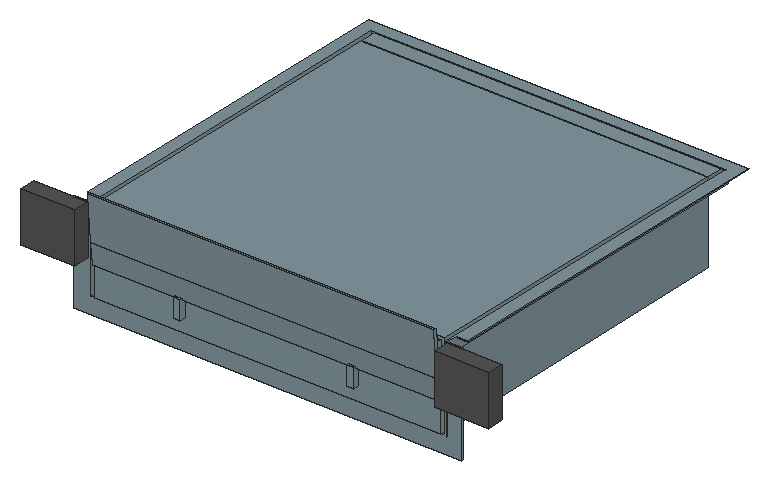
Revit family "Loading-Dock-Equipment_Leveler_McGuire_Hydraulic-HP", category Specialty Equipment, host Face, Revit 2026
Family settings
  Host = Face
  Round Connector Dimension = Use Radius
  Part Type = Normal
  Classification Number = 23.50.70.14.11
  Enable Cutting in Views = No
  Cut with Voids When Loaded = No
  Maintain Annotation Orientation = No
  Shared = No
  Room Calculation Point = No
Parameters
  restraintplateoffset [instance] = if(Steel Restraint Mounting Plate, Pit Depth + 0' 4", 0' 0")  # 0' - 0"
  offsetangles [instance] = if(Steel Pit Angles, 0' 0", Pit Depth + 2' 0")  # 0' - 0"
  Warranty Duration (Years) = 0
  Unit Width = Pit Width - 0' 2"  # 6' - 11"
  URL = "http://www.wbmcguire.com/"
  Textured Surface [instance] = Metal - McGuire - Textured Surface
  Test Data = ""
  Steel Restraint Mounting Plate [instance] = no
  Steel Pit Angles [instance] = yes
  Steel Angle Finish [instance] = Metal - McGuire - Finish as Specified
  Specification = ""
  SpecWizard = ""
  Send Message = ""
  Sales Information = "http://www.wbmcguire.com/Contact-Us"
  Revision = "R1_2017-01"
  Rear Pit Offset [instance] = 0' - 0 1/2"
  Product Properties = ""
  Product Data = "http://www.arcat.com/arcatcos/cos36/arc36404.html"
  Pit Width = 7' - 1"
  Pit Length = 7' - 0"
  Pit Depth = 1' - 8"
  Model = "As Specified"
  Manufacturer Website = "http://www.wbmcguire.com/"
  Manufacturer Phone - Toll Free = "800-624-8473"
  Manufacturer Phone = "262-257-7309"
  Manufacturer Fax = "262-255-4199"
  Manufacturer Address = "W194 N11481  McCormick Dr.   Germantown, WI 53022"
  Manufacturer = "McGuire"
  Maintenance Schedule (Months) = 0
  Lip Length [instance] = 1' - 4"
  Lip Inset = 0' - 0"  # constant formula
  Keynote = "11600"
  Installation-Fabrication = ""
  Installation Phase = ""
  Include Generic Bumpers [instance] = yes
  Green Building-LEED = "http://www.arcat.com/green/clients/leed_data_36404.html"
  Generic Bumper Width [instance] = 1' - 1"
  Generic Bumper Height [instance] = 1' - 0"
  Fixture Material [instance] = Metal - McGuire - Finish as Specified
  Expected Lifespan (Years) = 0
  Electrical_Voltage [instance] = 240 V
  Electrical_Phase [instance] = 1
  Electrical_Frequency [instance] = 60 Hz
  Drawn By = "Sumex Design, Inc. / Robert S. Weygant, CSI, CDT, SCIP"
  Description = "McGuire Loading Dock Product as Specified"
  Default Elevation = 0' - 0"  # constant formula
  Copyright = "©Arcat Inc."
  Construction Details = ""
  Conduit Radius [instance] = 0' - 0 1/2"
  Conduit Entry_Primary Side Offset = 0' - 10"
  Conduit Entry Depth = 1' - 2"
  Capacity = "as Specified"
  Bumper Finish [instance] = Rubber - McGuire - Black
  Building Codes = ""
  Available Options [instance] = "as Specified"
  Assembly Code = "E1030300"
Reference planes (in)
  plane 1 "Center (Front/Back)": y = 0
  plane 2: z = 0
  plane 3 "Center (Left/Right)": x = 0
  plane 4: y = 42
  plane 5 "Pit Front": y = -42
  plane 6: x = -42.5
  plane 7: x = 42.5
  plane 8: x = -41.5
  plane 9: x = 41.5
  plane 10 "Pit Base": z = -20
  plane 11: z = -19.5
  plane 12: z = 0
  plane 13 "Top of Steel Angle": z = -20
  plane 14: z = -24
  plane 15: y = -38
  plane 16: x = -20.75
  plane 17: x = 20.75
  plane 18: x = -40.5
  plane 19: x = 40.5
  plane 20: x = 41.5
  plane 21: x = -41.5
  plane 22: z = -14
  plane 23: x = 10
  plane 24: x = -42
  plane 25: x = 42
  plane 26: x = -43.125
  plane 27: x = 43.125
  plane 28: x = -56.125
  plane 29: x = 56.125
  plane 30: z = -12
Forms (in)
  Extrusion 1, void
    sketch origin (0, 0, 0) x (0, 1, 0) y (0, 0, 1)
      loop
        line (-42, 0) -> (-42, -20) -> (-38, -20) -> (42, -19.5) -> (42, 0) -> (-42, 0)
    from -42.5 to 42.5
  Sweep 2, solid, material "Metal - McGuire - Finish as Specified" <- "Steel Angle Finish", visible <- "Steel Pit Angles"
    path origin (-34.2385, -180, 0) x (-1, 0, 0) y (0, -1, 0)
      loop
        line (8.2615, -141) -> (8.2615, -222) -> (-76.7385, -222) -> (-76.7385, -141)
    profile origin (-42.5, 1.5, 0) x (-1, 0, 0) y (0, 0, 1)
      loop
        line (0, 0) -> (0, -3) -> (0.25, -3) -> (0.25, -0.25) -> (3, -0.25) -> (3, 0) -> (0, 0)
  Sweep 3, void
    path origin (-34.2385, -180, 0) x (-1, 0, 0) y (0, -1, 0)
      loop
        line (8.2615, -141) -> (8.2615, -222) -> (-76.7385, -222) -> (-76.7385, -141)
    profile origin (-42.5, 1.5, 0) x (-1, 0, 0) y (0, 0, 1)
      loop
        line (0, 0) -> (0, -3) -> (0.25, -3) -> (0.25, -0.25) -> (3, -0.25) -> (3, 0) -> (0, 0)
  Sweep 4, solid, material "Metal - McGuire - Finish as Specified" <- "Steel Angle Finish", visible <- "Steel Pit Angles"
    path origin (0, 0, 0) x (1, 0, 0) y (0, 0, 1)
      loop
        line (-42.5, 0) -> (-42.5, -20) -> (42.5, -20) -> (42.5, 0)
    profile origin (0, 0, -20) x (0, 0, 1) y (0, -1, 0)
      loop
        line (0, 42) -> (-4, 42) -> (-4, 41.75) -> (-0.25, 41.75) -> (-0.25, 38) -> (0, 38) -> (0, 42)
  Sweep 5, void
    path origin (0, 0, 0) x (1, 0, 0) y (0, 0, 1)
      loop
        line (-42.5, 0) -> (-42.5, -20) -> (42.5, -20) -> (42.5, 0)
    profile origin (0, 0, -20) x (0, 0, 1) y (0, -1, 0)
      loop
        line (0, 42) -> (-4, 42) -> (-4, 41.75) -> (-0.25, 41.75) -> (-0.25, 38) -> (0, 38) -> (0, 42)
  Extrusion 6, solid, material "Metal - McGuire - Finish as Specified" <- "Fixture Material"
    sketch origin (0, 0, 0) x (0, 1, 0) y (0, 0, 1)
      loop
        line (38, -19.525) -> (38, 0) -> (-40.75, 0) -> (-40.75, -11.75) -> (-42, -11.75) -> (-42, -20) -> (-38, -20) -> (38, -19.525)
    from -41.5 to 41.5
  Extrusion 7, solid, material "Metal - McGuire - Finish as Specified" <- "Fixture Material"
    sketch origin (-20.75, -180, 5.36058) x (0, 0, 1) y (0, -1, 0)
      loop
        line (-22.11058, -138) -> (-18.11058, -138) -> (-18.11058, -137.125) -> (-17.61058, -137.125) -> (-17.61058, -136.75) -> (-22.11058, -136.75) -> (-22.11058, -138)
    from 0.75 to -0.75
  Extrusion 8, solid, material "Metal - McGuire - Finish as Specified" <- "Fixture Material"
    sketch origin (20.75, -180, 5.36058) x (0, 0, 1) y (0, -1, 0)
      loop
        line (-22.11058, -138) -> (-18.11058, -138) -> (-18.11058, -137.125) -> (-17.61058, -137.125) -> (-17.61058, -136.75) -> (-22.11058, -136.75) -> (-22.11058, -138)
    from 0.75 to -0.75
  Extrusion 9, solid, material "Metal - McGuire - Finish as Specified" <- "Fixture Material"
    sketch origin (0, 0, 0) x (0, 1, 0) y (0, 0, 1)
      loop
        line (-42.06649, -12.63756) -> (-43.58884, 3.28985) -> (-44.21231, 3.23026) -> (-43.16597, -7.71702) -> (-42.64301, -12.69266) -> (-42.06649, -12.63756)
    from -41.5 to 41.5
  Extrusion 10, solid, material "Metal - McGuire - Finish as Specified" <- "Fixture Material"
    sketch origin (0, 0, 0) x (0, 1, 0) y (0, 0, 1)
      loop
        line (-40.75, -5.75) -> (-40.75, -0.75) -> (-41.41807, -0.75)
        arc (-41.41807, -0.75) -> (-43.10155, -1.79409) -> (-42.91441, -3.7662) r 1.87927
        line (-42.91441, -3.7662) -> (-42.7248, -5.75) -> (-40.75, -5.75)
    from -40.5 to 40.5
  Extrusion 11, solid, material "Metal - McGuire - Finish as Specified" <- "Fixture Material"
    sketch origin (0, 0, 0) x (0, 1, 0) y (0, 0, 1)
      loop
        line (42, 0) -> (38, 0) -> (38, -2) -> (42, -2) -> (42, 0)
    from -41.5 to 41.5
  Extrusion 12, solid, material "Rubber - McGuire - Black" <- "Bumper Finish", visible <- "Include Generic Bumpers"
    sketch origin (0, 0, 0) x (1, 0, 0) y (0, 1, 0)
      loop
        line (-56.125, -42) -> (-56.125, -46) -> (-43.125, -46) -> (-43.125, -42) -> (-56.125, -42)
      loop
        line (56.125, -42) -> (43.125, -42) -> (43.125, -46) -> (56.125, -46) -> (56.125, -42)
    from 0 to -12
  Extrusion 13, solid
    sketch origin (0, 42, -14) x (1, 0, 0) y (0, -1, 0)
      loop
        line (8, 0) -> (8, -2) -> (12, -2) -> (12, 0) -> (8, 0)
    from -2 to 2
Cuts and joins
  joined: Sweep 2, Sweep 4
  joined: Extrusion 6, Extrusion 7, Extrusion 8, Extrusion 9, Extrusion 10
Lines and regions (in)
  reference lines
    curve 1: line (0, 42, -19.5) -> (0, -38, -20)
Dimensions and locks (in)
  equal spacing: plane 4, plane 1 "Center (Front/Back)", plane 5 "Pit Front"
  "Pit Length": plane 4 to plane 5 "Pit Front"
  equal spacing: plane 6, plane 3 "Center (Left/Right)", plane 7
  "Pit Width": plane 6 to plane 7
  "Unit Width": plane 8 to plane 9
  "Pit Depth": level to plane 10 "Pit Base"
  "Rear Pit Offset": plane 11 to plane 10 "Pit Base"
  "Pit Depth": plane 12 to plane 13 "Top of Steel Angle"
  "offsetangles": plane 12 to level
  locked: plane 5 "Pit Front" to Extrusion 1 sketch curve at 4
  locked: plane 13 "Top of Steel Angle" to plane 14 at 4
  plane 5 "Pit Front" to Sweep 4 sketch curve to Sweep 4 sketch curve = 0' - 0 1/4" locked, 0' - 3 3/4" locked
  locked: plane 13 "Top of Steel Angle" to Sweep 4 sketch curve at 0.25
  locked: Sweep 5 sketch curve to Sweep 5 sketch curve at 3.75
  locked: plane 13 "Top of Steel Angle" to Sweep 5 sketch curve at 0.25
  locked: plane 5 "Pit Front" to Sweep 5 sketch curve at 0.25
  locked: Extrusion 6 sketch curve to plane 4 at 4
  locked: plane 15 to plane 5 "Pit Front" at 4
  locked: plane 5 "Pit Front" to Extrusion 6 sketch curve at 1.25
  equal spacing: plane 9, plane 17, plane 3 "Center (Left/Right)", plane 16, plane 8
  Extrusion 7 sketch curve to Extrusion 7 sketch curve to plane 5 "Pit Front" = 0' - 0 3/8" locked, 0' - 0 7/8" locked
  Extrusion 8 sketch curve to Extrusion 8 sketch curve to Extrusion 8 sketch curve = 0' - 0 1/2" locked, 0' - 4" locked
  locked: Extrusion 8 sketch curve to Extrusion 8 sketch curve at 0.375
  locked: Extrusion 8 sketch curve to plane 5 "Pit Front" at 0.875
  "Lip Length": Extrusion 9 sketch curve to Extrusion 9 sketch curve
  level to Extrusion 10 sketch curve to Extrusion 10 sketch curve = 0' - 0 3/4" locked, 0' - 5" locked
  locked: plane 5 "Pit Front" to Extrusion 10 sketch curve at 1.25
  locked: Extrusion 11 sketch curve to plane 4 at 4
  locked: level to Extrusion 11 sketch curve at 2
  locked: plane 5 "Pit Front" to Extrusion 12 sketch curve at 4  (x2)
  locked: level to Extrusion 8 sketch curve at 12.25
  level to Extrusion 7 sketch curve to Extrusion 7 sketch curve to Extrusion 7 sketch curve = 1' - 0 1/4" locked, 0' - 0 1/2" locked, 0' - 4" locked
  locked: level to Extrusion 6 sketch curve at 11.75
  locked: plane 19 to plane 20 at 1
  locked: plane 21 to plane 18 at 1
  "Lip Inset": plane 8 to plane 21
  "Lip Inset": plane 20 to plane 9
  "Conduit Entry Depth": host face to plane 22
  "Conduit Entry_Primary Side Offset": plane 3 "Center (Left/Right)" to plane 23
  Extrusion 13 sketch curve to plane 23 to Extrusion 13 sketch curve = 0' - 2" locked, 0' - 2" locked
  locked: Extrusion 13 sketch curve to plane 4 at 2
  equal spacing: plane 6, plane 24, plane 21
  equal spacing: plane 20, plane 25, plane 7
  level to Extrusion 9 sketch curve to Extrusion 9 sketch curve = 0' - 7.71702" locked, 0' - 4.97564" locked
  locked: plane 26 to plane 6 at 0.625
  locked: plane 7 to plane 27 at 0.625
  "Generic Bumper Height": level to plane 30
  locked: Sweep 2 sketch curve to plane 5 "Pit Front" at 3  (x2)
  locked: Sweep 2 sketch curve to Sweep 2 sketch curve at 2.75  (x2)
  locked: Sweep 3 sketch curve to plane 5 "Pit Front" at 3  (x2)
  locked: Sweep 3 sketch curve to Sweep 3 sketch curve at 2.75  (x2)
  "Generic Bumper Width": plane 28 to plane 26
  "Generic Bumper Width": plane 27 to plane 29
  "Pit Depth": Sweep 5 sketch curve to Sweep 5 sketch curve  (x2)
  "Pit Depth": Sweep 4 sketch curve to Sweep 4 sketch curve  (x2)
  aligned and locked: host face to plane 2
  aligned and locked: host face to level
  aligned and locked: Extrusion 1 sketch curve to plane 4
  aligned and locked: level to Extrusion 1 sketch curve
  aligned and locked: Extrusion 1 sketch curve to plane 5 "Pit Front"
  aligned and locked: plane 11 to Extrusion 1 sketch curve
  aligned and locked: Extrusion 1 to plane 7
  aligned and locked: Extrusion 1 to plane 6
  aligned and locked: Sweep 2 sketch curve to plane 6
  aligned and locked: Sweep 2 sketch curve to plane 7
  aligned and locked: Sweep 2 sketch curve to plane 4
  aligned and locked: Sweep 3 sketch curve to plane 6
  aligned and locked: Sweep 3 sketch curve to plane 4
  aligned and locked: Sweep 3 sketch curve to plane 7
  aligned and locked: Sweep 4 sketch curve to plane 13 "Top of Steel Angle"  (x2)
  aligned and locked: Sweep 4 sketch curve to plane 7
  aligned and locked: Sweep 4 sketch curve to plane 6
  aligned and locked: plane 5 "Pit Front" to Sweep 4 sketch curve
  aligned and locked: Sweep 4 sketch curve to plane 14
  aligned and locked: Sweep 5 sketch curve to plane 13 "Top of Steel Angle"  (x2)
  aligned and locked: Sweep 5 sketch curve to plane 7
  aligned and locked: Sweep 5 sketch curve to plane 6
  aligned and locked: plane 5 "Pit Front" to Sweep 5 sketch curve
  aligned and locked: Sweep 5 sketch curve to plane 14
  aligned and locked: Extrusion 6 sketch curve to level
  aligned and locked: Extrusion 6 sketch curve to plane 5 "Pit Front"
  aligned and locked: plane 15 to curve 1
  aligned and locked: plane 10 "Pit Base" to curve 1
  aligned and locked: plane 4 to curve 1
  aligned and locked: plane 11 to curve 1
  aligned and locked: curve 1 to Extrusion 6 sketch curve
  aligned and locked: Extrusion 6 to plane 8
  aligned and locked: Extrusion 6 to plane 9
  aligned and locked: Extrusion 7 sketch curve to plane 5 "Pit Front"
  aligned and locked: Extrusion 8 sketch curve to plane 5 "Pit Front"
  aligned: Extrusion 9 to plane 9
  aligned: Extrusion 9 to plane 8
  aligned and locked: Extrusion 9 to Extrusion 10 sketch curve
  aligned and locked: plane 19 to Extrusion 10
  aligned and locked: Extrusion 10 to plane 18
  aligned and locked: plane 4 to Extrusion 11 sketch curve
  aligned and locked: level to Extrusion 11 sketch curve
  aligned and locked: plane 9 to Extrusion 11
  aligned and locked: Extrusion 11 to plane 8
  aligned and locked: Extrusion 12 sketch curve to plane 5 "Pit Front"  (x2)
  aligned and locked: Extrusion 9 to plane 20
  aligned and locked: plane 21 to Extrusion 9
  aligned and locked: plane 27 to Extrusion 12 sketch curve
  aligned and locked: plane 29 to Extrusion 12 sketch curve
  aligned and locked: plane 26 to Extrusion 12 sketch curve
  aligned and locked: plane 28 to Extrusion 12 sketch curve
  aligned and locked: plane 30 to Extrusion 12
Automatic sketch dimensions
  host sketch curve to host sketch curve = 12' - 0"
  host sketch curve to host sketch curve = 11' - 11"
  Extrusion 1 sketch curve to plane 10 "Pit Base" = 0' - 0"
  Sweep 2 sketch curve to profile plane = 0' - 0"
  Sweep 2 sketch curve to plane 12 = 0' - 0"
  Sweep 2 sketch curve to profile plane = 0' - 0 1/4"
  Sweep 2 sketch curve to plane 12 = 0' - 0 1/4"
  Sweep 3 sketch curve to profile plane = 0' - 0"
  Sweep 3 sketch curve to plane 12 = 0' - 0"
  Sweep 3 sketch curve to profile plane = 0' - 0 1/4"
  Sweep 3 sketch curve to plane 12 = 0' - 0 1/4"
  Extrusion 6 sketch curve to plane 10 "Pit Base" = 0' - 0"
  Extrusion 10 sketch curve to plane 5 "Pit Front" = 0' - 0.91441"
  plane 5 "Pit Front" to Extrusion 10 sketch curve = 0' - 0.58193"
  plane 4 to Extrusion 13 sketch curve = 0' - 0"
  Extrusion 9 sketch curve to plane 5 "Pit Front" = 0' - 2.21231"
  Extrusion 9 sketch curve to Extrusion 9 sketch curve = 0' - 0.62348"
  Extrusion 9 sketch curve to plane 5 "Pit Front" = 0' - 1.16597"
  Extrusion 9 sketch curve to plane 5 "Pit Front" = 0' - 0.64301"
Connectors (in)
  cabletrayconduit at (10, 42, -14), diameter 1, driven by "Conduit Radius"
    settings: on Extrusion 13, index 3, connector width 1' - 0", connector height 1' - 0", connector angle 0.00°, system type 32, placement type 0, profile type 0, connector reference index -1, is primary connector yes, connector utility param no, connector description "Secondary Conduit Location"
  electrical at (10, 44, -14)
    settings: on Extrusion 13, index 4, voltage 0 V, apparent load 0 VA, apparent load phase1 0 VA, apparent load phase2 0 VA, apparent load phase3 0 VA, power factor 1, load classification "Other", number of poles 1, system type 31, power factor state 1, is connector primary yes, connector utility no, sub classification motor no, connector description ""
